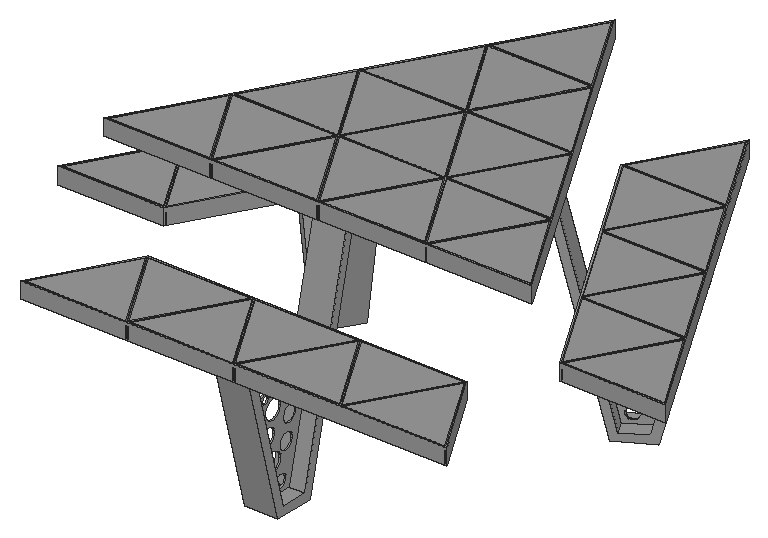
Revit family "19434 Комплект садовой мебели «Трекант» Хоббика", category Антураж, Revit 2018
Family settings
  На основе рабочей плоскости = Нет
  Всегда вертикально = Да
  При загрузке вырезать с полостями = Нет
  Источник визуального образа = Геометрия семейства
  Общий = Нет
  Точка расчета площади = Нет
Parameters (values of type "Комплект садовой мебели «Трекант»")
  Ширина = 1610 mm  # constant formula
  Цвет отделки = Дерево
  Цвет каркаса = Сталь
  Описание = "Комплект садовой мебели «Трекант»"  # constant formula
  Материал изделия = "Сталь, дерево"  # constant formula
  Изображение типоразмера = Комплект садовой мебели «Трекант» Арт 19434.jpg
  Изготовитель = "ООО «Хоббика»"  # constant formula
  Длина = 1860 mm  # constant formula
  Группа модели = "Комплекты садовой мебели"  # constant formula
  Высота = 750 mm  # constant formula
  Артикул товара = "Арт. 19434"  # constant formula
  URL = "https://hobbyka.ru/product/komplekt_sadovoy_mebeli_trekant"
Reference planes
  plane 1 "По центру (Вперед/Назад)": y = 0
  plane 2: z = 0
  plane 3 "По центру (Влево/Вправо)": x = 0
  plane 4: y = 1610
  plane 5: x = 1860
  plane 6: z = 750
Forms (mm)
  Extrusion 1, solid, material "Дерево" <- "Цвет отделки"
    sketch origin (-5802.37, 3350, 0) x (1, 0, 0) y (0, 1, 0)
      loop
        line (6732.37, -1914.445) -> (6577.087, -2183.403) -> (6887.653, -2183.403) -> (6732.37, -1914.445)
      loop
        line (6893.427, -2193.403) -> (6736.7, -2464.861) -> (7050.153, -2464.861) -> (6893.427, -2193.403)
      loop
        line (6732.37, -2472.361) -> (6574.2, -2746.319) -> (6890.54, -2746.319) -> (6732.37, -2472.361)
      loop
        line (6408.814, -2474.861) -> (6252.087, -2746.319) -> (6565.54, -2746.319) -> (6408.814, -2474.861)
      loop
        line (7218.427, -2756.319) -> (7063.144, -3025.278) -> (7373.71, -3025.278) -> (7218.427, -2756.319)
      loop
        line (6894.87, -2753.819) -> (6738.144, -3025.278) -> (7051.597, -3025.278) -> (6894.87, -2753.819)
      loop
        line (6569.87, -2753.819) -> (6413.144, -3025.278) -> (6726.597, -3025.278) -> (6569.87, -2753.819)
      loop
        line (6246.314, -2756.319) -> (6091.03, -3025.278) -> (6401.597, -3025.278) -> (6246.314, -2756.319)
      loop
        line (6249.2, -2751.319) -> (6407.37, -3025.278) -> (6565.54, -2751.319) -> (6249.2, -2751.319)
      loop
        line (6574.2, -2751.319) -> (6732.37, -3025.278) -> (6890.54, -2751.319) -> (6574.2, -2751.319)
      loop
        line (6899.2, -2751.319) -> (7057.37, -3025.278) -> (7215.54, -2751.319) -> (6899.2, -2751.319)
      loop
        line (6411.7, -2469.861) -> (6569.87, -2743.819) -> (6728.04, -2469.861) -> (6411.7, -2469.861)
      loop
        line (6574.2, -2188.403) -> (6732.37, -2462.361) -> (6890.54, -2188.403) -> (6574.2, -2188.403)
      loop
        line (6736.7, -2469.861) -> (6894.87, -2743.819) -> (7053.04, -2469.861) -> (6736.7, -2469.861)
      loop
        line (6571.314, -2193.403) -> (6414.587, -2464.861) -> (6728.04, -2464.861) -> (6571.314, -2193.403)
      loop
        line (7055.725, -2474.861) -> (6898.998, -2746.319) -> (7212.451, -2746.319) -> (7055.725, -2474.861)
    from 700 to 750
  Extrusion 2, solid, material "Сталь" <- "Цвет каркаса"
    sketch origin (-5802.37, 3350, 0) x (1, 0, 0) y (0, 1, 0)
      loop
        line (6732.37, -1904.445) -> (6082.37, -3030.278) -> (7382.37, -3030.278) -> (6732.37, -1904.445)
      loop
        line (6577.087, -2183.403) -> (6887.653, -2183.403) -> (6732.37, -1914.445) -> (6577.087, -2183.403)
      loop
        line (6890.54, -2188.403) -> (6574.2, -2188.403) -> (6732.37, -2462.361) -> (6890.54, -2188.403)
      loop
        line (6893.427, -2193.403) -> (6736.7, -2464.861) -> (7050.153, -2464.861) -> (6893.427, -2193.403)
      loop
        line (6728.04, -2464.861) -> (6571.314, -2193.403) -> (6414.587, -2464.861) -> (6728.04, -2464.861)
      loop
        line (6565.54, -2746.319) -> (6408.814, -2474.861) -> (6252.087, -2746.319) -> (6565.54, -2746.319)
      loop
        line (6569.87, -2743.819) -> (6728.04, -2469.861) -> (6411.7, -2469.861) -> (6569.87, -2743.819)
      loop
        line (6732.37, -2472.361) -> (6574.2, -2746.319) -> (6890.54, -2746.319) -> (6732.37, -2472.361)
      loop
        line (6894.87, -2743.819) -> (7053.04, -2469.861) -> (6736.7, -2469.861) -> (6894.87, -2743.819)
      loop
        line (7055.725, -2474.861) -> (6898.998, -2746.319) -> (7212.451, -2746.319) -> (7055.725, -2474.861)
      loop
        line (7218.427, -2756.319) -> (7063.144, -3025.278) -> (7373.71, -3025.278) -> (7218.427, -2756.319)
      loop
        line (6899.2, -2751.319) -> (7057.37, -3025.278) -> (7215.54, -2751.319) -> (6899.2, -2751.319)
      loop
        line (6894.87, -2753.819) -> (6738.144, -3025.278) -> (7051.597, -3025.278) -> (6894.87, -2753.819)
      loop
        line (6726.597, -3025.278) -> (6569.87, -2753.819) -> (6413.144, -3025.278) -> (6726.597, -3025.278)
      loop
        line (6574.2, -2751.319) -> (6732.37, -3025.278) -> (6890.54, -2751.319) -> (6574.2, -2751.319)
      loop
        line (6407.37, -3025.278) -> (6565.54, -2751.319) -> (6249.2, -2751.319) -> (6407.37, -3025.278)
      loop
        line (6401.597, -3025.278) -> (6246.314, -2756.319) -> (6091.03, -3025.278) -> (6401.597, -3025.278)
    from 700 to 750
  Extrusion 3, solid, material "Дерево" <- "Цвет отделки"
    sketch origin (-7032.623, 1919.521, 0) x (1, 0, 0) y (0, 1, 0)
      loop
        line (8446.154, -1647.021) -> (8291.713, -1914.521) -> (8600.595, -1914.521) -> (8446.154, -1647.021)
      loop
        line (8124.281, -1644.521) -> (7968.396, -1914.521) -> (8280.166, -1914.521) -> (8124.281, -1644.521)
      loop
        line (7800.965, -1644.521) -> (7645.08, -1914.521) -> (7956.849, -1914.521) -> (7800.965, -1644.521)
      loop
        line (7479.092, -1647.021) -> (7324.651, -1914.521) -> (7633.533, -1914.521) -> (7479.092, -1647.021)
      loop
        line (7483.422, -1644.521) -> (7639.307, -1914.521) -> (7795.191, -1644.521) -> (7483.422, -1644.521)
      loop
        line (7806.738, -1644.521) -> (7962.623, -1914.521) -> (8118.507, -1644.521) -> (7806.738, -1644.521)
      loop
        line (8130.054, -1644.521) -> (8285.939, -1914.521) -> (8441.824, -1644.521) -> (8130.054, -1644.521)
    from 400 to 450
  Extrusion 4, solid, material "Сталь" <- "Цвет каркаса"
    sketch origin (-7032.623, 1919.521, 0) x (1, 0, 0) y (0, 1, 0)
      loop
        line (7315.991, -1919.521) -> (8609.255, -1919.521) -> (8447.597, -1639.521) -> (7477.649, -1639.521) -> (7315.991, -1919.521)
      loop
        line (7633.533, -1914.521) -> (7479.092, -1647.021) -> (7324.651, -1914.521) -> (7633.533, -1914.521)
      loop
        line (7639.307, -1914.521) -> (7795.191, -1644.521) -> (7483.422, -1644.521) -> (7639.307, -1914.521)
      loop
        line (7800.965, -1644.521) -> (7645.08, -1914.521) -> (7956.849, -1914.521) -> (7800.965, -1644.521)
      loop
        line (7962.623, -1914.521) -> (8118.507, -1644.521) -> (7806.738, -1644.521) -> (7962.623, -1914.521)
      loop
        line (8124.281, -1644.521) -> (7968.396, -1914.521) -> (8280.166, -1914.521) -> (8124.281, -1644.521)
      loop
        line (8130.054, -1644.521) -> (8285.939, -1914.521) -> (8441.824, -1644.521) -> (8130.054, -1644.521)
      loop
        line (8446.154, -1647.021) -> (8291.713, -1914.521) -> (8600.595, -1914.521) -> (8446.154, -1647.021)
    from 400 to 450
  Extrusion 5, solid, material "Дерево" <- "Цвет отделки"
    sketch origin (5974.103, 6983.157, 0) x (-0.5, -0.866025, 0) y (0.866025, -0.5, 0)
      loop
        line (8446.154, -1647.021) -> (8291.713, -1914.521) -> (8600.595, -1914.521) -> (8446.154, -1647.021)
      loop
        line (8124.281, -1644.521) -> (7968.396, -1914.521) -> (8280.166, -1914.521) -> (8124.281, -1644.521)
      loop
        line (7800.965, -1644.521) -> (7645.08, -1914.521) -> (7956.849, -1914.521) -> (7800.965, -1644.521)
      loop
        line (7479.092, -1647.021) -> (7324.651, -1914.521) -> (7633.533, -1914.521) -> (7479.092, -1647.021)
      loop
        line (7483.422, -1644.521) -> (7639.307, -1914.521) -> (7795.191, -1644.521) -> (7483.422, -1644.521)
      loop
        line (7806.738, -1644.521) -> (7962.623, -1914.521) -> (8118.507, -1644.521) -> (7806.738, -1644.521)
      loop
        line (8130.054, -1644.521) -> (8285.939, -1914.521) -> (8441.824, -1644.521) -> (8130.054, -1644.521)
    from 400 to 450
  Extrusion 6, solid, material "Сталь" <- "Цвет каркаса"
    sketch origin (5974.103, 6983.157, 0) x (-0.5, -0.866025, 0) y (0.866025, -0.5, 0)
      loop
        line (7315.991, -1919.521) -> (8609.255, -1919.521) -> (8447.597, -1639.521) -> (7477.649, -1639.521) -> (7315.991, -1919.521)
      loop
        line (7633.533, -1914.521) -> (7479.092, -1647.021) -> (7324.651, -1914.521) -> (7633.533, -1914.521)
      loop
        line (7639.307, -1914.521) -> (7795.191, -1644.521) -> (7483.422, -1644.521) -> (7639.307, -1914.521)
      loop
        line (7800.965, -1644.521) -> (7645.08, -1914.521) -> (7956.849, -1914.521) -> (7800.965, -1644.521)
      loop
        line (7962.623, -1914.521) -> (8118.507, -1644.521) -> (7806.738, -1644.521) -> (7962.623, -1914.521)
      loop
        line (8124.281, -1644.521) -> (7968.396, -1914.521) -> (8280.166, -1914.521) -> (8124.281, -1644.521)
      loop
        line (8130.054, -1644.521) -> (8285.939, -1914.521) -> (8441.824, -1644.521) -> (8130.054, -1644.521)
      loop
        line (8446.154, -1647.021) -> (8291.713, -1914.521) -> (8600.595, -1914.521) -> (8446.154, -1647.021)
    from 400 to 450
  Extrusion 7, solid, material "Дерево" <- "Цвет отделки"
    sketch origin (-4114.103, 6983.157, 0) x (0.5, -0.866025, 0) y (0.866025, 0.5, 0)
      loop
        line (8446.154, 1647.021) -> (8600.595, 1914.521) -> (8291.713, 1914.521) -> (8446.154, 1647.021)
      loop
        line (8124.281, 1644.521) -> (8280.166, 1914.521) -> (7968.396, 1914.521) -> (8124.281, 1644.521)
      loop
        line (7800.965, 1644.521) -> (7956.849, 1914.521) -> (7645.08, 1914.521) -> (7800.965, 1644.521)
      loop
        line (7479.092, 1647.021) -> (7633.533, 1914.521) -> (7324.651, 1914.521) -> (7479.092, 1647.021)
      loop
        line (7483.422, 1644.521) -> (7795.191, 1644.521) -> (7639.307, 1914.521) -> (7483.422, 1644.521)
      loop
        line (7806.738, 1644.521) -> (8118.507, 1644.521) -> (7962.623, 1914.521) -> (7806.738, 1644.521)
      loop
        line (8130.054, 1644.521) -> (8441.824, 1644.521) -> (8285.939, 1914.521) -> (8130.054, 1644.521)
    from 400 to 450
  Extrusion 8, solid, material "Сталь" <- "Цвет каркаса"
    sketch origin (-4114.103, 6983.157, 0) x (0.5, -0.866025, 0) y (0.866025, 0.5, 0)
      loop
        line (7315.991, 1919.521) -> (7477.649, 1639.521) -> (8447.597, 1639.521) -> (8609.255, 1919.521) -> (7315.991, 1919.521)
      loop
        line (7633.533, 1914.521) -> (7324.651, 1914.521) -> (7479.092, 1647.021) -> (7633.533, 1914.521)
      loop
        line (7639.307, 1914.521) -> (7483.422, 1644.521) -> (7795.191, 1644.521) -> (7639.307, 1914.521)
      loop
        line (7800.965, 1644.521) -> (7956.849, 1914.521) -> (7645.08, 1914.521) -> (7800.965, 1644.521)
      loop
        line (7962.623, 1914.521) -> (7806.738, 1644.521) -> (8118.507, 1644.521) -> (7962.623, 1914.521)
      loop
        line (8124.281, 1644.521) -> (8280.166, 1914.521) -> (7968.396, 1914.521) -> (8124.281, 1644.521)
      loop
        line (8130.054, 1644.521) -> (8441.824, 1644.521) -> (8285.939, 1914.521) -> (8130.054, 1644.521)
      loop
        line (8446.154, 1647.021) -> (8600.595, 1914.521) -> (8291.713, 1914.521) -> (8446.154, 1647.021)
    from 400 to 450
  Extrusion 9, solid, material "Сталь" <- "Цвет каркаса"
    sketch origin (0, 0, 0) x (0, 1, 0) y (0, 0, 1)
      loop
        line (0, 400) -> (107.18, 0) -> (226.758, 0) -> (394.3, 695) -> (730, 695) -> (730, 700) -> (369.789, 700) -> (207.068, 25) -> (126.363, 25) -> (25.882, 400) -> (0, 400)
    from 880 to 980
  Extrusion 10, solid, material "Сталь" <- "Цвет каркаса"
    sketch origin (0, 0, 0) x (0, 1, 0) y (0, 0, 1)
      loop
        line (126.363, 25) -> (207.068, 25) -> (297.469, 400) -> (25.882, 400) -> (126.363, 25)
      loop
        circle (254.235, 361.58) r 15
      loop
        circle (205.007, 356.452) r 30
      loop
        circle (93.217, 348.247) r 40
      loop
        circle (151.971, 380.778) r 12.62
      loop
        circle (46.256, 389.181) r 6.638
      loop
        circle (151.192, 333.982) r 15
      loop
        circle (256.272, 322.737) r 15
      loop
        circle (215.946, 284.35) r 30
      loop
        circle (146.539, 262.636) r 30
      loop
        circle (82.948, 280.085) r 15
      loop
        circle (117.344, 298.973) r 12.071
      loop
        circle (169.221, 301.855) r 15
      loop
        circle (209.547, 224.299) r 25
      loop
        circle (93.662, 235.407) r 12.925
      loop
        circle (126.55, 194.105) r 27.072
      loop
        circle (196.152, 154.588) r 25
      loop
        circle (146.946, 118.13) r 30
      loop
        circle (176.521, 54.902) r 20
    from 927.5 to 932.5
  Extrusion 11, solid, material "Сталь" <- "Цвет каркаса"
    sketch origin (795.438, 1852.487, 0) x (0.866025, -0.5, 0) y (0, 0, 1)
      loop
        line (0, 400) -> (107.18, 0) -> (226.758, 0) -> (394.3, 695) -> (690, 695) -> (690, 700) -> (369.789, 700) -> (207.068, 25) -> (126.363, 25) -> (25.882, 400) -> (0, 400)
    from 880 to 980
  Extrusion 12, solid, material "Сталь" <- "Цвет каркаса"
    sketch origin (795.438, 1852.487, 0) x (0.866025, -0.5, 0) y (0, 0, 1)
      loop
        line (126.363, 25) -> (207.068, 25) -> (297.469, 400) -> (25.882, 400) -> (126.363, 25)
      loop
        circle (254.235, 361.58) r 15
      loop
        circle (205.007, 356.452) r 30
      loop
        circle (93.217, 348.247) r 40
      loop
        circle (151.971, 380.778) r 12.62
      loop
        circle (46.256, 389.181) r 6.638
      loop
        circle (151.192, 333.982) r 15
      loop
        circle (256.272, 322.737) r 15
      loop
        circle (215.946, 284.35) r 30
      loop
        circle (146.539, 262.636) r 30
      loop
        circle (82.948, 280.085) r 15
      loop
        circle (117.344, 298.973) r 12.071
      loop
        circle (169.221, 301.855) r 15
      loop
        circle (209.547, 224.299) r 25
      loop
        circle (93.662, 235.407) r 12.925
      loop
        circle (126.55, 194.105) r 27.072
      loop
        circle (196.152, 154.588) r 25
      loop
        circle (146.946, 118.13) r 30
      loop
        circle (176.521, 54.902) r 20
    from 927.5 to 932.5
  Extrusion 13, solid, material "Сталь" <- "Цвет каркаса"
    sketch origin (1994.562, 241.68, 0) x (-0.866025, -0.5, 0) y (0, 0, 1)
      loop
        line (0, 400) -> (107.18, 0) -> (226.758, 0) -> (394.3, 695) -> (690, 695) -> (690, 700) -> (369.789, 700) -> (207.068, 25) -> (126.363, 25) -> (25.882, 400) -> (0, 400)
    from 880 to 980
  Extrusion 14, solid, material "Сталь" <- "Цвет каркаса"
    sketch origin (1994.562, 241.68, 0) x (-0.866025, -0.5, 0) y (0, 0, 1)
      loop
        line (126.363, 25) -> (207.068, 25) -> (297.469, 400) -> (25.882, 400) -> (126.363, 25)
      loop
        circle (254.235, 361.58) r 15
      loop
        circle (205.007, 356.452) r 30
      loop
        circle (93.217, 348.247) r 40
      loop
        circle (151.971, 380.778) r 12.62
      loop
        circle (46.256, 389.181) r 6.638
      loop
        circle (151.192, 333.982) r 15
      loop
        circle (256.272, 322.737) r 15
      loop
        circle (215.946, 284.35) r 30
      loop
        circle (146.539, 262.636) r 30
      loop
        circle (82.948, 280.085) r 15
      loop
        circle (117.344, 298.973) r 12.071
      loop
        circle (169.221, 301.855) r 15
      loop
        circle (209.547, 224.299) r 25
      loop
        circle (93.662, 235.407) r 12.925
      loop
        circle (126.55, 194.105) r 27.072
      loop
        circle (196.152, 154.588) r 25
      loop
        circle (146.946, 118.13) r 30
      loop
        circle (176.521, 54.902) r 20
    from 927.5 to 932.5
Cuts and joins
  joined: Extrusion 9, Extrusion 11, Extrusion 13
Dimensions and locks
  "Длина": plane 3 "По центру (Влево/Вправо)" to plane 5
  "Ширина": plane 4 to plane 1 "По центру (Вперед/Назад)"
  "Высота": plane 6 to plane 2
  Extrusion 9 sketch curve to plane 1 "По центру (Вперед/Назад)" = 107.18 mm
  Extrusion 9 sketch curve to Extrusion 9 sketch curve to plane 1 "По центру (Вперед/Назад)" = 119.578 mm, 107.18 mm
  aligned and locked: level to plane 2
Automatic sketch dimensions
  plane 3 "По центру (Влево/Вправо)" to Extrusion 1 sketch curve = 288.66 mm
  Extrusion 1 sketch curve to Extrusion 1 sketch curve = 155.283 mm  (x4)
  Extrusion 1 sketch curve to Extrusion 1 sketch curve = 2.887 mm  (x10)
  Extrusion 1 sketch curve to Extrusion 1 sketch curve = 5.774 mm  (x6)
  Extrusion 1 sketch curve to Extrusion 1 sketch curve = 156.726 mm  (x4)
  Extrusion 1 sketch curve to Extrusion 1 sketch curve = 313.453 mm  (x3)
  Extrusion 1 sketch curve to Extrusion 1 sketch curve = 0 mm  (x7)
  Extrusion 1 sketch curve to Extrusion 1 sketch curve = 4.33 mm  (x11)
  Extrusion 1 sketch curve to plane 1 "По центру (Вперед/Назад)" = 324.722 mm  (x3)
  Extrusion 1 sketch curve to plane 4 = 174.445 mm
  Extrusion 1 sketch curve to Extrusion 1 sketch curve = 158.17 mm
  Extrusion 1 sketch curve to Extrusion 1 sketch curve = 4.128 mm
  Extrusion 1 sketch curve to Extrusion 1 sketch curve = 2.685 mm
  Extrusion 1 sketch curve to Extrusion 1 sketch curve = 313.251 mm
  Extrusion 1 sketch curve to Extrusion 1 sketch curve = 3.089 mm
  Extrusion 1 sketch curve to plane 5 = 288.66 mm
  Extrusion 1 sketch curve to Extrusion 1 sketch curve = 268.958 mm  (x3)
  Extrusion 1 sketch curve to Extrusion 1 sketch curve = 271.458 mm  (x5)
  Extrusion 1 sketch curve to Extrusion 1 sketch curve = 2.5 mm  (x6)
  Extrusion 1 sketch curve to Extrusion 1 sketch curve = 5 mm  (x9)
  Extrusion 1 sketch curve to Extrusion 1 sketch curve = 273.958 mm
  plane 3 "По центру (Влево/Вправо)" to Extrusion 2 sketch curve = 280 mm
  Extrusion 2 sketch curve to Extrusion 2 sketch curve = 8.66 mm  (x2)
  Extrusion 2 sketch curve to Extrusion 2 sketch curve = 155.283 mm  (x4)
  Extrusion 2 sketch curve to Extrusion 2 sketch curve = 2.887 mm  (x10)
  Extrusion 2 sketch curve to Extrusion 2 sketch curve = 5.774 mm  (x6)
  Extrusion 2 sketch curve to Extrusion 2 sketch curve = 156.726 mm  (x4)
  Extrusion 2 sketch curve to Extrusion 2 sketch curve = 313.453 mm  (x3)
  Extrusion 2 sketch curve to Extrusion 2 sketch curve = 0 mm  (x7)
  Extrusion 2 sketch curve to Extrusion 2 sketch curve = 4.33 mm  (x11)
  Extrusion 2 sketch curve to plane 1 "По центру (Вперед/Назад)" = 324.722 mm  (x3)
  Extrusion 2 sketch curve to plane 4 = 174.445 mm
  Extrusion 2 sketch curve to plane 4 = 164.445 mm
  Extrusion 2 sketch curve to Extrusion 2 sketch curve = 152.396 mm
  Extrusion 2 sketch curve to Extrusion 2 sketch curve = 4.128 mm
  Extrusion 2 sketch curve to Extrusion 2 sketch curve = 2.685 mm
  Extrusion 2 sketch curve to Extrusion 2 sketch curve = 313.251 mm
  Extrusion 2 sketch curve to Extrusion 2 sketch curve = 3.089 mm
  Extrusion 2 sketch curve to plane 5 = 288.66 mm
  Extrusion 2 sketch curve to plane 1 "По центру (Вперед/Назад)" = 319.722 mm
  Extrusion 2 sketch curve to Extrusion 2 sketch curve = 5 mm  (x11)
  Extrusion 2 sketch curve to Extrusion 2 sketch curve = 268.958 mm  (x3)
  Extrusion 2 sketch curve to Extrusion 2 sketch curve = 271.458 mm  (x5)
  Extrusion 2 sketch curve to Extrusion 2 sketch curve = 2.5 mm  (x5)
  Extrusion 2 sketch curve to Extrusion 2 sketch curve = 273.958 mm
  Extrusion 3 sketch curve to plane 1 "По центру (Вперед/Назад)" = 5 mm  (x7)
  plane 3 "По центру (Влево/Вправо)" to Extrusion 3 sketch curve = 292.028 mm
  Extrusion 3 sketch curve to Extrusion 3 sketch curve = 154.441 mm  (x2)
  Extrusion 3 sketch curve to Extrusion 3 sketch curve = 4.33 mm  (x2)
  Extrusion 3 sketch curve to Extrusion 3 sketch curve = 5.774 mm  (x10)
  Extrusion 3 sketch curve to plane 1 "По центру (Вперед/Назад)" = 275 mm  (x4)
  Extrusion 3 sketch curve to Extrusion 3 sketch curve = 150.111 mm  (x5)
  Extrusion 3 sketch curve to plane 5 = 292.028 mm
  Extrusion 3 sketch curve to Extrusion 3 sketch curve = 2.5 mm
  Extrusion 3 sketch curve to plane 1 "По центру (Вперед/Назад)" = 272.5 mm
  Extrusion 3 sketch curve to Extrusion 3 sketch curve = 0 mm
  plane 1 "По центру (Вперед/Назад)" to Extrusion 4 sketch curve = 0 mm
  plane 3 "По центру (Влево/Вправо)" to Extrusion 4 sketch curve = 283.368 mm
  Extrusion 4 sketch curve to plane 1 "По центру (Вперед/Назад)" = 5 mm  (x7)
  Extrusion 4 sketch curve to Extrusion 4 sketch curve = 8.66 mm  (x2)
  Extrusion 4 sketch curve to Extrusion 4 sketch curve = 152.998 mm
  Extrusion 4 sketch curve to Extrusion 4 sketch curve = 1.443 mm
  Extrusion 4 sketch curve to Extrusion 4 sketch curve = 4.33 mm  (x2)
  Extrusion 4 sketch curve to Extrusion 4 sketch curve = 154.441 mm
  Extrusion 4 sketch curve to Extrusion 4 sketch curve = 5.774 mm  (x11)
  Extrusion 4 sketch curve to Extrusion 4 sketch curve = 150.111 mm  (x5)
  Extrusion 4 sketch curve to plane 1 "По центру (Вперед/Назад)" = 275 mm  (x3)
  Extrusion 4 sketch curve to plane 5 = 292.028 mm
  Extrusion 4 sketch curve to plane 1 "По центру (Вперед/Назад)" = 272.5 mm  (x2)
  Extrusion 4 sketch curve to Extrusion 4 sketch curve = 2.5 mm
  Extrusion 4 sketch curve to Extrusion 4 sketch curve = 0 mm
  Extrusion 4 sketch curve to Extrusion 4 sketch curve = 5 mm
  Extrusion 5 sketch curve to plane 4 = 12.917 mm
  plane 3 "По центру (Влево/Вправо)" to Extrusion 5 sketch curve = 653.754 mm
  Extrusion 5 sketch curve to Extrusion 5 sketch curve = 154.441 mm
  Extrusion 5 sketch curve to Extrusion 5 sketch curve = 4.33 mm  (x2)
  Extrusion 5 sketch curve to Extrusion 5 sketch curve = 308.882 mm  (x2)
  Extrusion 5 sketch curve to Extrusion 5 sketch curve = 5.774 mm  (x10)
  Extrusion 5 sketch curve to Extrusion 5 sketch curve = 150.111 mm  (x5)
  Extrusion 5 sketch curve to Extrusion 5 sketch curve = 0 mm  (x10)
  Extrusion 5 sketch curve to Extrusion 5 sketch curve = 267.5 mm  (x2)
  Extrusion 5 sketch curve to Extrusion 5 sketch curve = 2.5 mm
  Extrusion 6 sketch curve to plane 4 = 2.917 mm
  plane 3 "По центру (Влево/Вправо)" to Extrusion 6 sketch curve = 653.754 mm
  Extrusion 6 sketch curve to Extrusion 6 sketch curve = 8.66 mm  (x2)
  Extrusion 6 sketch curve to Extrusion 6 sketch curve = 152.998 mm
  Extrusion 6 sketch curve to Extrusion 6 sketch curve = 1.443 mm  (x2)
  Extrusion 6 sketch curve to Extrusion 6 sketch curve = 4.33 mm  (x2)
  Extrusion 6 sketch curve to Extrusion 6 sketch curve = 308.882 mm  (x2)
  Extrusion 6 sketch curve to Extrusion 6 sketch curve = 5.774 mm  (x10)
  Extrusion 6 sketch curve to Extrusion 6 sketch curve = 150.111 mm  (x5)
  Extrusion 6 sketch curve to Extrusion 6 sketch curve = 5 mm  (x2)
  Extrusion 6 sketch curve to Extrusion 6 sketch curve = 0 mm  (x8)
  Extrusion 6 sketch curve to Extrusion 6 sketch curve = 267.5 mm  (x2)
  Extrusion 6 sketch curve to Extrusion 6 sketch curve = 270 mm
  Extrusion 6 sketch curve to Extrusion 6 sketch curve = 2.5 mm
  Extrusion 6 sketch curve to Extrusion 6 sketch curve = 7.5 mm
  plane 4 to Extrusion 7 sketch curve = 12.917 mm
  plane 5 to Extrusion 7 sketch curve = 653.754 mm
  Extrusion 7 sketch curve to Extrusion 7 sketch curve = 154.441 mm
  Extrusion 7 sketch curve to Extrusion 7 sketch curve = 4.33 mm  (x2)
  Extrusion 7 sketch curve to Extrusion 7 sketch curve = 308.882 mm  (x2)
  Extrusion 7 sketch curve to Extrusion 7 sketch curve = 5.774 mm  (x10)
  Extrusion 7 sketch curve to Extrusion 7 sketch curve = 150.111 mm  (x5)
  Extrusion 7 sketch curve to Extrusion 7 sketch curve = 0 mm  (x10)
  Extrusion 7 sketch curve to Extrusion 7 sketch curve = 267.5 mm  (x2)
  Extrusion 7 sketch curve to Extrusion 7 sketch curve = 2.5 mm
  plane 4 to Extrusion 8 sketch curve = 2.917 mm
  plane 5 to Extrusion 8 sketch curve = 653.754 mm
  Extrusion 8 sketch curve to Extrusion 8 sketch curve = 8.66 mm  (x2)
  Extrusion 8 sketch curve to Extrusion 8 sketch curve = 152.998 mm
  Extrusion 8 sketch curve to Extrusion 8 sketch curve = 1.443 mm
  Extrusion 8 sketch curve to Extrusion 8 sketch curve = 4.33 mm  (x2)
  Extrusion 8 sketch curve to Extrusion 8 sketch curve = 308.882 mm
  Extrusion 8 sketch curve to Extrusion 8 sketch curve = 5.774 mm  (x11)
  Extrusion 8 sketch curve to Extrusion 8 sketch curve = 150.111 mm  (x5)
  Extrusion 8 sketch curve to Extrusion 8 sketch curve = 154.441 mm
  Extrusion 8 sketch curve to Extrusion 8 sketch curve = 5 mm  (x3)
  Extrusion 8 sketch curve to Extrusion 8 sketch curve = 0 mm  (x8)
  Extrusion 8 sketch curve to Extrusion 8 sketch curve = 267.5 mm  (x2)
  Extrusion 8 sketch curve to Extrusion 8 sketch curve = 270 mm
  Extrusion 8 sketch curve to Extrusion 8 sketch curve = 2.5 mm
  Extrusion 9 sketch curve to plane 1 "По центру (Вперед/Назад)" = 0 mm
  Extrusion 9 sketch curve to level = 0 mm
  Extrusion 9 sketch curve to Extrusion 9 sketch curve = 25.882 mm
  Extrusion 9 sketch curve to plane 1 "По центру (Вперед/Назад)" = 107.18 mm
  Extrusion 9 sketch curve to Extrusion 9 sketch curve = 19.183 mm
  level to Extrusion 9 sketch curve = 25 mm
  Extrusion 9 sketch curve to Extrusion 9 sketch curve = 80.705 mm
  Extrusion 9 sketch curve to Extrusion 9 sketch curve = 19.689 mm
  Extrusion 9 sketch curve to plane 6 = 50 mm
  Extrusion 9 sketch curve to plane 1 "По центру (Вперед/Назад)" = 369.789 mm
  Extrusion 9 sketch curve to plane 6 = 55 mm
  Extrusion 9 sketch curve to Extrusion 9 sketch curve = 24.511 mm
  Extrusion 9 sketch curve to Extrusion 9 sketch curve = 335.7 mm
  Extrusion 9 sketch curve to plane 6 = 350 mm
  Extrusion 10 sketch curve to plane 1 "По центру (Вперед/Назад)" = 25.882 mm
  Extrusion 10 sketch curve to Extrusion 10 sketch curve = 20.374 mm
  Extrusion 10 sketch curve to plane 1 "По центру (Вперед/Назад)" = 82.948 mm
  Extrusion 10 sketch curve to Extrusion 10 sketch curve = 46.961 mm
  Extrusion 10 sketch curve to Extrusion 10 sketch curve = 10.713 mm
  Extrusion 10 sketch curve to Extrusion 10 sketch curve = 34.396 mm
  level to Extrusion 10 sketch curve = 25 mm
  Extrusion 10 sketch curve to plane 1 "По центру (Вперед/Назад)" = 126.363 mm
  Extrusion 10 sketch curve to Extrusion 10 sketch curve = 32.889 mm
  Extrusion 10 sketch curve to Extrusion 10 sketch curve = 29.195 mm
  Extrusion 10 sketch curve to Extrusion 10 sketch curve = 20.396 mm
  Extrusion 10 sketch curve to Extrusion 10 sketch curve = 33.848 mm
  Extrusion 10 sketch curve to Extrusion 10 sketch curve = 0.779 mm
  Extrusion 10 sketch curve to Extrusion 10 sketch curve = 18.029 mm
  Extrusion 10 sketch curve to Extrusion 10 sketch curve = 50.158 mm
  Extrusion 10 sketch curve to Extrusion 10 sketch curve = 49.206 mm
  Extrusion 10 sketch curve to Extrusion 10 sketch curve = 53.815 mm
  Extrusion 10 sketch curve to Extrusion 10 sketch curve = 30.548 mm
  Extrusion 10 sketch curve to Extrusion 10 sketch curve = 13.395 mm
  Extrusion 10 sketch curve to Extrusion 10 sketch curve = 46.725 mm
  Extrusion 10 sketch curve to Extrusion 10 sketch curve = 49.229 mm
  Extrusion 10 sketch curve to Extrusion 10 sketch curve = 2.037 mm
  Extrusion 10 sketch curve to Extrusion 10 sketch curve = 43.233 mm
  Extrusion 10 sketch curve to Extrusion 10 sketch curve = 29.902 mm
  Extrusion 10 sketch curve to Extrusion 10 sketch curve = 63.228 mm
  Extrusion 10 sketch curve to Extrusion 10 sketch curve = 36.458 mm
  Extrusion 10 sketch curve to Extrusion 10 sketch curve = 75.975 mm
  Extrusion 10 sketch curve to Extrusion 10 sketch curve = 69.711 mm
  Extrusion 10 sketch curve to Extrusion 10 sketch curve = 41.302 mm
  Extrusion 10 sketch curve to Extrusion 10 sketch curve = 27.229 mm
  Extrusion 10 sketch curve to Extrusion 10 sketch curve = 44.677 mm
  Extrusion 10 sketch curve to Extrusion 10 sketch curve = 60.051 mm
  Extrusion 10 sketch curve to Extrusion 10 sketch curve = 18.888 mm
  Extrusion 10 sketch curve to Extrusion 10 sketch curve = 39.219 mm
  Extrusion 10 sketch curve to Extrusion 10 sketch curve = 38.387 mm
  Extrusion 10 sketch curve to Extrusion 10 sketch curve = 32.127 mm
  Extrusion 10 sketch curve to Extrusion 10 sketch curve = 49.274 mm
  Extrusion 10 sketch curve to Extrusion 10 sketch curve = 22.47 mm
  Extrusion 10 sketch curve to Extrusion 10 sketch curve = 38.843 mm
  Extrusion 10 sketch curve to Extrusion 10 sketch curve = 46.796 mm
  Extrusion 10 sketch curve to Extrusion 10 sketch curve = 40.934 mm
  Extrusion 10 sketch curve to Extrusion 10 sketch curve = 10.819 mm
  level to Extrusion 13 sketch curve = 0 mm
  Extrusion 13 sketch curve to plane 6 = 350 mm
  Extrusion 13 sketch curve to Extrusion 13 sketch curve = 25.882 mm
  Extrusion 13 sketch curve to Extrusion 13 sketch curve = 81.298 mm
  Extrusion 13 sketch curve to Extrusion 13 sketch curve = 19.183 mm
  level to Extrusion 13 sketch curve = 25 mm
  Extrusion 13 sketch curve to Extrusion 13 sketch curve = 80.705 mm
  Extrusion 13 sketch curve to Extrusion 13 sketch curve = 19.689 mm
  Extrusion 13 sketch curve to plane 6 = 50 mm
  Extrusion 13 sketch curve to Extrusion 13 sketch curve = 343.907 mm
  Extrusion 13 sketch curve to plane 6 = 55 mm
  Extrusion 13 sketch curve to Extrusion 13 sketch curve = 24.511 mm
  Extrusion 13 sketch curve to Extrusion 13 sketch curve = 295.7 mm
  Extrusion 14 sketch curve to plane 6 = 350 mm
  Extrusion 14 sketch curve to Extrusion 14 sketch curve = 20.374 mm
  Extrusion 14 sketch curve to Extrusion 14 sketch curve = 36.692 mm
  Extrusion 14 sketch curve to Extrusion 14 sketch curve = 46.961 mm
  Extrusion 14 sketch curve to Extrusion 14 sketch curve = 10.713 mm
  Extrusion 14 sketch curve to Extrusion 14 sketch curve = 34.396 mm
  level to Extrusion 14 sketch curve = 25 mm
  Extrusion 14 sketch curve to Extrusion 14 sketch curve = 32.701 mm
  Extrusion 14 sketch curve to Extrusion 14 sketch curve = 32.889 mm
  Extrusion 14 sketch curve to Extrusion 14 sketch curve = 29.195 mm
  Extrusion 14 sketch curve to Extrusion 14 sketch curve = 20.396 mm
  Extrusion 14 sketch curve to Extrusion 14 sketch curve = 33.848 mm
  Extrusion 14 sketch curve to Extrusion 14 sketch curve = 0.779 mm
  Extrusion 14 sketch curve to Extrusion 14 sketch curve = 18.029 mm
  Extrusion 14 sketch curve to Extrusion 14 sketch curve = 50.158 mm
  Extrusion 14 sketch curve to Extrusion 14 sketch curve = 49.206 mm
  Extrusion 14 sketch curve to Extrusion 14 sketch curve = 53.815 mm
  Extrusion 14 sketch curve to Extrusion 14 sketch curve = 30.548 mm
  Extrusion 14 sketch curve to Extrusion 14 sketch curve = 13.395 mm
  Extrusion 14 sketch curve to Extrusion 14 sketch curve = 46.725 mm
  Extrusion 14 sketch curve to Extrusion 14 sketch curve = 49.229 mm
  Extrusion 14 sketch curve to Extrusion 14 sketch curve = 2.037 mm
  Extrusion 14 sketch curve to Extrusion 14 sketch curve = 43.233 mm
  Extrusion 14 sketch curve to Extrusion 14 sketch curve = 29.902 mm
  Extrusion 14 sketch curve to Extrusion 14 sketch curve = 63.228 mm
  Extrusion 14 sketch curve to Extrusion 14 sketch curve = 36.458 mm
  Extrusion 14 sketch curve to Extrusion 14 sketch curve = 75.975 mm
  Extrusion 14 sketch curve to Extrusion 14 sketch curve = 69.711 mm
  Extrusion 14 sketch curve to Extrusion 14 sketch curve = 41.302 mm
  Extrusion 14 sketch curve to Extrusion 14 sketch curve = 27.229 mm
  Extrusion 14 sketch curve to Extrusion 14 sketch curve = 44.677 mm
  Extrusion 14 sketch curve to Extrusion 14 sketch curve = 60.051 mm
  Extrusion 14 sketch curve to Extrusion 14 sketch curve = 18.888 mm
  Extrusion 14 sketch curve to Extrusion 14 sketch curve = 39.219 mm
  Extrusion 14 sketch curve to Extrusion 14 sketch curve = 38.387 mm
  Extrusion 14 sketch curve to Extrusion 14 sketch curve = 32.127 mm
  Extrusion 14 sketch curve to Extrusion 14 sketch curve = 49.274 mm
  Extrusion 14 sketch curve to Extrusion 14 sketch curve = 22.47 mm
  Extrusion 14 sketch curve to Extrusion 14 sketch curve = 38.843 mm
  Extrusion 14 sketch curve to Extrusion 14 sketch curve = 46.796 mm
  Extrusion 14 sketch curve to Extrusion 14 sketch curve = 10.819 mm
  Extrusion 11 sketch curve to level = 0 mm
  Extrusion 11 sketch curve to plane 6 = 350 mm
  Extrusion 11 sketch curve to Extrusion 11 sketch curve = 25.882 mm
  Extrusion 11 sketch curve to Extrusion 11 sketch curve = 81.298 mm
  Extrusion 11 sketch curve to Extrusion 11 sketch curve = 19.183 mm
  level to Extrusion 11 sketch curve = 25 mm
  Extrusion 11 sketch curve to Extrusion 11 sketch curve = 80.705 mm
  Extrusion 11 sketch curve to Extrusion 11 sketch curve = 19.689 mm
  Extrusion 11 sketch curve to plane 6 = 50 mm
  Extrusion 11 sketch curve to Extrusion 11 sketch curve = 343.907 mm
  Extrusion 11 sketch curve to plane 6 = 55 mm
  Extrusion 11 sketch curve to Extrusion 11 sketch curve = 24.511 mm
  Extrusion 11 sketch curve to Extrusion 11 sketch curve = 295.7 mm
  Extrusion 12 sketch curve to plane 6 = 350 mm
  Extrusion 12 sketch curve to Extrusion 12 sketch curve = 20.374 mm
  Extrusion 12 sketch curve to Extrusion 12 sketch curve = 36.692 mm
  Extrusion 12 sketch curve to Extrusion 12 sketch curve = 46.961 mm
  Extrusion 12 sketch curve to Extrusion 12 sketch curve = 10.713 mm
  Extrusion 12 sketch curve to Extrusion 12 sketch curve = 34.396 mm
  level to Extrusion 12 sketch curve = 25 mm
  Extrusion 12 sketch curve to Extrusion 12 sketch curve = 32.701 mm
  Extrusion 12 sketch curve to Extrusion 12 sketch curve = 32.889 mm
  Extrusion 12 sketch curve to Extrusion 12 sketch curve = 29.195 mm
  Extrusion 12 sketch curve to Extrusion 12 sketch curve = 20.396 mm
  Extrusion 12 sketch curve to Extrusion 12 sketch curve = 33.848 mm
  Extrusion 12 sketch curve to Extrusion 12 sketch curve = 0.779 mm
  Extrusion 12 sketch curve to Extrusion 12 sketch curve = 18.029 mm
  Extrusion 12 sketch curve to Extrusion 12 sketch curve = 50.158 mm
  Extrusion 12 sketch curve to Extrusion 12 sketch curve = 49.206 mm
  Extrusion 12 sketch curve to Extrusion 12 sketch curve = 53.815 mm
  Extrusion 12 sketch curve to Extrusion 12 sketch curve = 30.548 mm
  Extrusion 12 sketch curve to Extrusion 12 sketch curve = 13.395 mm
  Extrusion 12 sketch curve to Extrusion 12 sketch curve = 46.725 mm
  Extrusion 12 sketch curve to Extrusion 12 sketch curve = 49.229 mm
  Extrusion 12 sketch curve to Extrusion 12 sketch curve = 2.037 mm
  Extrusion 12 sketch curve to Extrusion 12 sketch curve = 43.233 mm
  Extrusion 12 sketch curve to Extrusion 12 sketch curve = 29.902 mm
  Extrusion 12 sketch curve to Extrusion 12 sketch curve = 63.228 mm
  Extrusion 12 sketch curve to Extrusion 12 sketch curve = 36.458 mm
  Extrusion 12 sketch curve to Extrusion 12 sketch curve = 75.975 mm
  Extrusion 12 sketch curve to Extrusion 12 sketch curve = 69.711 mm
  Extrusion 12 sketch curve to Extrusion 12 sketch curve = 41.302 mm
  Extrusion 12 sketch curve to Extrusion 12 sketch curve = 27.229 mm
  Extrusion 12 sketch curve to Extrusion 12 sketch curve = 44.677 mm
  Extrusion 12 sketch curve to Extrusion 12 sketch curve = 60.051 mm
  Extrusion 12 sketch curve to Extrusion 12 sketch curve = 18.888 mm
  Extrusion 12 sketch curve to Extrusion 12 sketch curve = 39.219 mm
  Extrusion 12 sketch curve to Extrusion 12 sketch curve = 38.387 mm
  Extrusion 12 sketch curve to Extrusion 12 sketch curve = 32.127 mm
  Extrusion 12 sketch curve to Extrusion 12 sketch curve = 49.274 mm
  Extrusion 12 sketch curve to Extrusion 12 sketch curve = 22.47 mm
  Extrusion 12 sketch curve to Extrusion 12 sketch curve = 38.843 mm
  Extrusion 12 sketch curve to Extrusion 12 sketch curve = 46.796 mm
  Extrusion 12 sketch curve to Extrusion 12 sketch curve = 10.819 mm
  radius of Extrusion 10 sketch curve = 15 mm  (x5)
  radius of Extrusion 10 sketch curve = 30 mm  (x4)
  radius of Extrusion 10 sketch curve = 40 mm
  radius of Extrusion 10 sketch curve = 12.62 mm
  radius of Extrusion 10 sketch curve = 6.638 mm
  radius of Extrusion 10 sketch curve = 12.071 mm
  radius of Extrusion 10 sketch curve = 25 mm  (x2)
  radius of Extrusion 10 sketch curve = 12.925 mm
  radius of Extrusion 10 sketch curve = 27.072 mm
  radius of Extrusion 10 sketch curve = 20 mm
  radius of Extrusion 14 sketch curve = 15 mm  (x5)
  radius of Extrusion 14 sketch curve = 30 mm  (x4)
  radius of Extrusion 14 sketch curve = 40 mm
  radius of Extrusion 14 sketch curve = 12.62 mm
  radius of Extrusion 14 sketch curve = 6.638 mm
  radius of Extrusion 14 sketch curve = 12.071 mm
  radius of Extrusion 14 sketch curve = 25 mm  (x2)
  radius of Extrusion 14 sketch curve = 12.925 mm
  radius of Extrusion 14 sketch curve = 27.072 mm
  radius of Extrusion 14 sketch curve = 20 mm
  radius of Extrusion 12 sketch curve = 15 mm  (x5)
  radius of Extrusion 12 sketch curve = 30 mm  (x4)
  radius of Extrusion 12 sketch curve = 40 mm
  radius of Extrusion 12 sketch curve = 12.62 mm
  radius of Extrusion 12 sketch curve = 6.638 mm
  radius of Extrusion 12 sketch curve = 12.071 mm
  radius of Extrusion 12 sketch curve = 25 mm  (x2)
  radius of Extrusion 12 sketch curve = 12.925 mm
  radius of Extrusion 12 sketch curve = 27.072 mm
  radius of Extrusion 12 sketch curve = 20 mm
